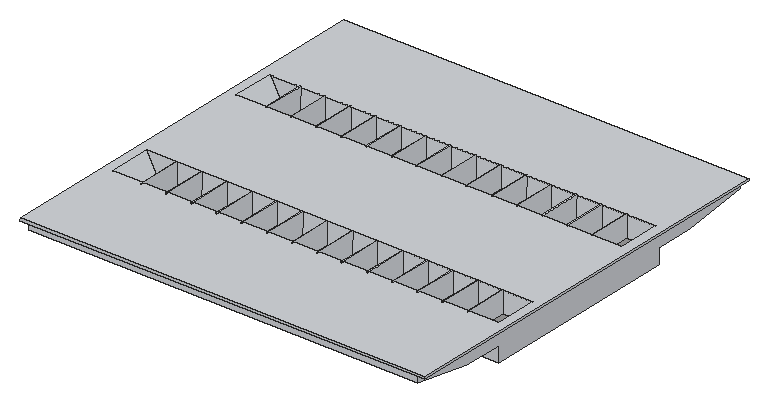
Revit family "0052585 Sylvania Lighting Fixture RANA NEO 3500LM REC 600x600 840 DALI EM 2L WHITE", category Lighting Fixtures, host Face, Revit 2016
Family settings
  Host = Face
  Part Type = Normal
  Round Connector Dimension = Use Diameter
  OmniClass Number = 23.80.70.00
  OmniClass Title = Lighting
  Cut with Voids When Loaded = No
  Light Source = Yes
  Shared = No
  Room Calculation Point = No
Parameters (values of type "0052585 RANA NEO 3500LM R 600 840 DALI EM 2L WHT")
  fin7 = 37 mm
  fin3 = 332 mm
  fin2 [instance] = 368 mm
  fin 6 = 110 mm
  fin 5 = 185 mm
  fin 4 = 258 mm
  fin 3 [instance] = 318 mm
  fin 2 = 407 mm
  fin 1 = 480 mm
  Width_SYL = if([600x600_SYL], 595 mm, if([625x625_SYL], 620 mm, if([1200_SYL], 296 mm, 306 mm)))  # 595 mm
  Weight = "n/a"
  Wattage Comments = ""
  Wattage = 28 W
  WarrantyStartDate [instance] = "n/a"
  WarrantyGuarantorParts = "n/a"
  WarrantyDurationUnit = "n/a"
  WarrantyDurationParts = ""
  WarrantyDescription = "http://www.sylvania-lighting.com"
  built-in parameter 1150110 = 1 (stored number, unit not read)
  Voltage = 0 V
  URL = "0.96"
  TypeName = "RANA NEO 3500LM REC 600x600 840 DALI EM 2L WHITE"
  Type Image = <None>
  Type Comments = "n/a"
  built-in parameter 1114217 = 1 (stored number, unit not read)
  TopWidth_SYL = if([600x600_SYL], 295 mm, if([625x625_SYL], 295 mm, if([1200_SYL], 165 mm, 165 mm)))  # 295 mm
  Tilt Angle = -90.00°
  built-in parameter 1150109 = 1 (stored number, unit not read)
  built-in parameter 1150134 = (empty or 0)
  built-in parameter 1150113 = 1 (stored number, unit not read)
  SlopeTopWidth_SYL = if([600x600_SYL], 410 mm, if([625x625_SYL], 410 mm, if([1200_SYL], 168 mm, 168 mm)))  # 410 mm
  SlopeBottomWidth_SYL = if([600x600_SYL], 593 mm, if([625x625_SYL], 593 mm, if([1200_SYL], 244 mm, 244 mm)))  # 593 mm
  SlopeHeight_SYL = if([600x600_SYL], 17 mm, if([625x625_SYL], 17 mm, if([1200_SYL], 40 mm, 40 mm)))  # 17 mm
  SerialNumber [instance] = "n/a"
  ReflectorNumber_SYL = if([1Ref_SYL], 2, if([2Ref_SYL], 2, 3))  # 2
  ReflectorLength_SYL = Length_SYL - Inset_SYL * 2 - 5 mm  # 550 mm
  ReflectorInset_SYL = if([1Ref_SYL], 82.4 mm, if([2Ref_SYL], 30 mm, 30 mm))  # 30 mm
  Photometric Web File = "0052585.ies"
  Material_3_SYL = none
  PowerFactor = 0.95
  PowerConsumption = "Lighting"
  NominalLength = 595 mm
  NominalHeight = 60 mm
  NominalDepth = 595 mm
  Name = "RANA NEO 3500LM REC 600x600 840 DALI EM 2L WHITE"
  ModelReference = Name  # "RANA NEO 3500LM REC 600x600 840 DALI EM 2L WHITE"
  ModelNumber = "0052585"
  Model = Name  # "RANA NEO 3500LM REC 600x600 840 DALI EM 2L WHITE"
  Material = "Feilo Sylvania"
  ManufacturerName = "106 lm/W"
  Manufacturer = ""
  LuminousEfficacy = ""
  built-in parameter 1150105 = 222.82 (stored number, unit not read)
  Lumens = 2800 lm
  LuminaireType = "0"
  built-in parameter 1150115 = 1 (stored number, unit not read)
  LouverNumber_SYL = if([600x600_SYL], 14, if([625x625_SYL], 14, if([1200_SYL], 28, 28)))  # 14
  LightOutputRatio = "LED"
  built-in parameter 1150137 = (empty or 0)
  built-in parameter 1150139 = (empty or 0)
  Length_SYL = if([600x600_SYL], 595 mm, if([625x625_SYL], 620 mm, if([1200_SYL], 1196 mm, 1246 mm)))  # 595 mm
  LampsType = Lamp  # "n/a"
  LampNominalLuminous = "4000 K"
  LampMacAdamStep = "80"
  LampColourTemperature = "LED"
  LampColourRenderingIndex = "16500"
  built-in parameter 1150112 = 1 (stored number, unit not read)
  built-in parameter 1150114 = 1 (stored number, unit not read)
  Lamp = "n/a"
  LED position [instance] = 410 mm
  LED inside width = 165 mm
  LED inner void = 521.5 mm
  LED Width = 290 mm
  LED Length = 568 mm
  Keynote = "n/a"
  InstallationDate [instance] = "n/a"
  Inset_SYL = 20 mm  # constant formula
  InputVoltage = "0"
  InputNominalFrequency = "4000"
  built-in parameter 1150132 = (empty or 0)
  built-in parameter 1150102 = (empty or 0)
  built-in parameter 1150107 = 3000 (stored number, unit not read)
  built-in parameter 1150138 = (empty or 0)
  IngressProtection = "IfcLightFixtureType"
  ImpactProtectionIndex = "IfcLightFixtureType"
  built-in parameter 1150106 = 2.2282 (stored number, unit not read)
  IfcExportType = "IfcLightFixtureType"
  IfcExportAs = "Class I"
  Height = 52 mm
  Emit from Rectangle Width = if([1Ref_SYL], 48 mm, TopWidth_SYL - 13 mm)  # 282 mm
  Emit from Rectangle Length = ReflectorLength_SYL - 8 mm  # 542 mm
  Emit Shape Visible in Rendering = no
  ElectricShockClassification = "106"
  built-in parameter 1150104 = 9.2903 (stored number, unit not read)
  DocumentationLiterature = "http://www.sylvania-lighting.com/product/en-int/products/0052585"
  DimmingControlOptions = "n/a"
  Material_2_SYL = none
  Dimming Lamp Color Temperature Shift = <None>
  Description = "-"
  Default Elevation = 1219.2 mm
  CreatedOn = "25/11/2019"
  CreatedBy = "@sylvania-lighting.com"
  Cost = 0
  Color Filter = 16777215
  built-in parameter 1114216 [instance] = (empty or 0)
  ClassificationValue = "EF_70_80"
  ClassificationName = "Uniclass2015"
  Material_1_SYL = none
  BarCode [instance] = "n/a"
  built-in parameter 1114218 = 1 (stored number, unit not read)
  built-in parameter 1150133 = 10 (stored number, unit not read)
  AssetType = "Fixed"
  AssetIdentifier [instance] = "n/a"
  Assembly Code = "D5020200"
  Apparent Load = 33 VA
  Material_4_SYL = none
  625x625_SYL = no
  600x600_SYL = yes
  2Ref_SYL = yes
  1Ref_SYL = no
  1200_SYL = no
Reference planes
  plane 1 "Center (Front/Back)": y = 0
  plane 2: z = 0
  plane 3 "Center (Left/Right)": x = 0
  plane 4: x = 297.5
  plane 5: x = -297.5
  plane 6: y = 297.5
  plane 7: y = -297.5
  plane 8: z = -120
  plane 9: z = -3
  plane 10: z = -12
  plane 11: z = -29
  plane 12: z = -52
  plane 13: y = -296.5
  plane 14: y = 296.5
  plane 15: y = 145
  plane 16: y = -145
  plane 17: y = 82.5
  plane 18: y = -82.5
  plane 19: x = -284
  plane 20: x = 284
  plane 21: y = 141
  plane 22: y = 86.5
  plane 23: x = -264
  plane 24: x = 257.5
  plane 25: x = -286
  plane 26: x = 286
  plane 27: y = -86.5
  plane 28: y = -141
  plane 29: x = 18.5
  plane 30: x = -18.5
  plane 31: x = 55
  plane 32: x = -55
  plane 33: x = 92.5
  plane 34: x = -92.5
  plane 35: x = 129
  plane 36: x = -129
  plane 37: x = 166
  plane 38: x = -166
  plane 39: x = -203.5
  plane 40: x = 203.5
  plane 41: x = -240
  plane 42: x = 240
  plane 43: x = 169.5
  plane 44: x = 162.5
  plane 45: x = 166.5
  plane 46: x = 165.5
Forms (mm)
  Extrusion 1, void
    sketch origin (0, 0, 0) x (1, 0, 0) y (0, 1, 0)
      loop
        line (-297.5, 297.5) -> (-297.5, -297.5) -> (297.5, -297.5) -> (297.5, 297.5) -> (-297.5, 297.5)
    from -120 to 0
  Extrusion 2, solid, detail levels medium+fine
    sketch origin (0, 0, 0) x (0, 1, 0) y (0, 0, 1)
      loop
        line (-296.5, 0) -> (-296.5, -12) -> (-205, -29) -> (-147.5, -29) -> (-147.5, -52) -> (147.5, -52) -> (147.5, -29) -> (205, -29) -> (296.5, -17.514) -> (296.5, 0) -> (-296.5, 0)
    from -286 to 286
  Extrusion 3, solid, detail levels medium+fine
    sketch origin (275, 1524, 1219.2) x (0, 1, 0) y (0, 0, 1)
      loop
        line (-1226.5, -1222.2) -> (-1226.5, -1219.2) -> (-1820.5, -1219.2) -> (-1820.5, -1222.2) -> (-1226.5, -1222.2)
    from 11 to 22.5
  Extrusion 4, solid, detail levels medium+fine
    sketch origin (-275, 1524, 1219.2) x (0, 1, 0) y (0, 0, 1)
      loop
        line (-1820.5, -1222.2) -> (-1227.5, -1222.2) -> (-1227.5, -1219.2) -> (-1820.5, -1219.2) -> (-1820.5, -1222.2)
    from -11 to -22.5
  Extrusion 5, solid, detail levels medium+fine
    sketch origin (0, 0, 0) x (0, 1, 0) y (0, 0, 1)
      loop
        line (-297.5, 0) -> (-297.5, -3) -> (-296.5, -3) -> (-296.5, 0) -> (-297.5, 0)
      loop
        line (297.5, -3) -> (297.5, 0) -> (296.5, 0) -> (296.5, -3) -> (297.5, -3)
    from -297.5 to 297.5
  Blend 6, void
    base sketch origin (0, 0, 0) x (1, 0, 0) y (0, 1, 0)
      loop
        line (-284, 145) -> (-284, 82.5) -> (284, 82.5) -> (284, 145) -> (-284, 145)
    top sketch origin (0, 0, 0) x (1, 0, 0) y (0, 1, 0)
      loop
        line (-264, 141) -> (-264, 86.5) -> (257.5, 86.5) -> (257.5, 141) -> (-264, 141)
    from 0 to -29
  Blend 7, void
    base sketch origin (0, 0, 0) x (1, 0, 0) y (0, 1, 0)
      loop
        line (-284, -82.5) -> (-284, -145) -> (284, -145) -> (284, -82.5) -> (-284, -82.5)
    top sketch origin (0, 0, 0) x (1, 0, 0) y (0, 1, 0)
      loop
        line (257.5, -86.5) -> (-264, -86.5) -> (-264, -141) -> (257.5, -141) -> (257.5, -86.5)
    from 0 to -29
  Extrusion 8, solid, detail levels fine
    sketch origin (0, 0, 0) x (1, 0, 0) y (0, 0, 1)
      loop
        line (162.5, -29) -> (169.5, -29) -> (166.5, 0) -> (165.5, 0) -> (162.5, -29)
    from -145 to -82.5
  Extrusion 9, solid, detail levels fine
    sketch origin (37.5, 0, 0) x (1, 0, 0) y (0, 0, 1)
      loop
        line (162.5, -29) -> (169.5, -29) -> (166.5, 0) -> (165.5, 0) -> (162.5, -29)
    from -145 to -82.5
  Extrusion 10, solid, detail levels fine
    sketch origin (74, 0, 0) x (1, 0, 0) y (0, 0, 1)
      loop
        line (162.5, -29) -> (169.5, -29) -> (166.5, 0) -> (165.5, 0) -> (162.5, -29)
    from -145 to -82.5
  Extrusion 11, solid, detail levels fine
    sketch origin (-37, 0, 0) x (1, 0, 0) y (0, 0, 1)
      loop
        line (162.5, -29) -> (169.5, -29) -> (166.5, 0) -> (165.5, 0) -> (162.5, -29)
    from -145 to -82.5
  Extrusion 12, solid, detail levels fine
    sketch origin (-73.5, 0, 0) x (1, 0, 0) y (0, 0, 1)
      loop
        line (162.5, -29) -> (169.5, -29) -> (166.5, 0) -> (165.5, 0) -> (162.5, -29)
    from -145 to -82.5
  Extrusion 13, solid, detail levels fine
    sketch origin (-111, 0, 0) x (1, 0, 0) y (0, 0, 1)
      loop
        line (162.5, -29) -> (169.5, -29) -> (166.5, 0) -> (165.5, 0) -> (162.5, -29)
    from -145 to -82.5
  Extrusion 14, solid, detail levels fine
    sketch origin (-147.5, 0, 0) x (1, 0, 0) y (0, 0, 1)
      loop
        line (162.5, -29) -> (169.5, -29) -> (166.5, 0) -> (165.5, 0) -> (162.5, -29)
    from -145 to -82.5
  Extrusion 15, solid, detail levels fine
    sketch origin (-184.5, 0, 0) x (1, 0, 0) y (0, 0, 1)
      loop
        line (162.5, -29) -> (169.5, -29) -> (166.5, 0) -> (165.5, 0) -> (162.5, -29)
    from -145 to -82.5
  Extrusion 16, solid, detail levels fine
    sketch origin (-221, 0, 0) x (1, 0, 0) y (0, 0, 1)
      loop
        line (162.5, -29) -> (169.5, -29) -> (166.5, 0) -> (165.5, 0) -> (162.5, -29)
    from -145 to -82.5
  Extrusion 17, solid, detail levels fine
    sketch origin (-258.5, 0, 0) x (1, 0, 0) y (0, 0, 1)
      loop
        line (162.5, -29) -> (169.5, -29) -> (166.5, 0) -> (165.5, 0) -> (162.5, -29)
    from -145 to -82.5
  Extrusion 18, solid, detail levels fine
    sketch origin (-295, 0, 0) x (1, 0, 0) y (0, 0, 1)
      loop
        line (162.5, -29) -> (169.5, -29) -> (166.5, 0) -> (165.5, 0) -> (162.5, -29)
    from -145 to -82.5
  Extrusion 19, solid, detail levels fine
    sketch origin (-332, 0, 0) x (1, 0, 0) y (0, 0, 1)
      loop
        line (162.5, -29) -> (169.5, -29) -> (166.5, 0) -> (165.5, 0) -> (162.5, -29)
    from -145 to -82.5
  Extrusion 20, solid, detail levels fine
    sketch origin (-369.5, 0, 0) x (1, 0, 0) y (0, 0, 1)
      loop
        line (162.5, -29) -> (169.5, -29) -> (166.5, 0) -> (165.5, 0) -> (162.5, -29)
    from -145 to -82.5
  Extrusion 21, solid, detail levels fine
    sketch origin (-406, 0, 0) x (1, 0, 0) y (0, 0, 1)
      loop
        line (162.5, -29) -> (169.5, -29) -> (166.5, 0) -> (165.5, 0) -> (162.5, -29)
    from -145 to -82.5
  Extrusion 22, solid, detail levels fine
    sketch origin (-406.072, 0, -0.017) x (1, 0, 0) y (0, 0, 1)
      loop
        line (162.5, -29) -> (169.5, -29) -> (166.5, 0) -> (165.5, 0) -> (162.5, -29)
    from 82.5 to 147.5
  Extrusion 23, solid, detail levels fine
    sketch origin (-369.572, 0, -0.017) x (1, 0, 0) y (0, 0, 1)
      loop
        line (162.5, -29) -> (169.5, -29) -> (166.5, 0) -> (165.5, 0) -> (162.5, -29)
    from 82.5 to 147.5
  Extrusion 24, solid, detail levels fine
    sketch origin (-331.998, 0, -0.017) x (1, 0, 0) y (0, 0, 1)
      loop
        line (162.5, -29) -> (169.5, -29) -> (166.5, 0) -> (165.5, 0) -> (162.5, -29)
    from 82.5 to 147.5
  Extrusion 25, solid, detail levels fine
    sketch origin (-294.998, 0, -0.017) x (1, 0, 0) y (0, 0, 1)
      loop
        line (162.5, -29) -> (169.5, -29) -> (166.5, 0) -> (165.5, 0) -> (162.5, -29)
    from 82.5 to 147.5
  Extrusion 26, solid, detail levels fine
    sketch origin (-258.498, 0, -0.017) x (1, 0, 0) y (0, 0, 1)
      loop
        line (162.5, -29) -> (169.5, -29) -> (166.5, 0) -> (165.5, 0) -> (162.5, -29)
    from 82.5 to 147.5
  Extrusion 27, solid, detail levels fine
    sketch origin (-221, 0, -0.017) x (1, 0, 0) y (0, 0, 1)
      loop
        line (162.5, -29) -> (169.5, -29) -> (166.5, 0) -> (165.5, 0) -> (162.5, -29)
    from 82.5 to 147.5
  Extrusion 28, solid, detail levels fine
    sketch origin (-184.5, 0, -0.017) x (1, 0, 0) y (0, 0, 1)
      loop
        line (162.5, -29) -> (169.5, -29) -> (166.5, 0) -> (165.5, 0) -> (162.5, -29)
    from 82.5 to 147.5
  Extrusion 29, solid, detail levels fine
    sketch origin (-147.5, 0, -0.017) x (1, 0, 0) y (0, 0, 1)
      loop
        line (162.5, -29) -> (169.5, -29) -> (166.5, 0) -> (165.5, 0) -> (162.5, -29)
    from 82.5 to 147.5
  Extrusion 30, solid, detail levels fine
    sketch origin (-111, 0, -0.017) x (1, 0, 0) y (0, 0, 1)
      loop
        line (162.5, -29) -> (169.5, -29) -> (166.5, 0) -> (165.5, 0) -> (162.5, -29)
    from 82.5 to 147.5
  Extrusion 31, solid, detail levels fine
    sketch origin (-73.5, 0, -0.017) x (1, 0, 0) y (0, 0, 1)
      loop
        line (162.5, -29) -> (169.5, -29) -> (166.5, 0) -> (165.5, 0) -> (162.5, -29)
    from 82.5 to 147.5
  Extrusion 32, solid, detail levels fine
    sketch origin (-37, 0, -0.017) x (1, 0, 0) y (0, 0, 1)
      loop
        line (162.5, -29) -> (169.5, -29) -> (166.5, 0) -> (165.5, 0) -> (162.5, -29)
    from 82.5 to 147.5
  Extrusion 33, solid, detail levels fine
    sketch origin (0, 0, -0.017) x (1, 0, 0) y (0, 0, 1)
      loop
        line (162.5, -29) -> (169.5, -29) -> (166.5, 0) -> (165.5, 0) -> (162.5, -29)
    from 82.5 to 147.5
  Extrusion 34, solid, detail levels fine
    sketch origin (37.5, 0, -0.017) x (1, 0, 0) y (0, 0, 1)
      loop
        line (162.5, -29) -> (169.5, -29) -> (166.5, 0) -> (165.5, 0) -> (162.5, -29)
    from 82.5 to 147.5
  Extrusion 35, solid, detail levels fine
    sketch origin (74, 0, -0.017) x (1, 0, 0) y (0, 0, 1)
      loop
        line (162.5, -29) -> (169.5, -29) -> (166.5, 0) -> (165.5, 0) -> (162.5, -29)
    from 82.5 to 147.5
  Extrusion 36, solid, material "Glass, White, High Luminance", detail levels fine
    sketch origin (0, 0, 0) x (1, 0, 0) y (0, 1, 0)
      loop
        line (-264, 141) -> (-264, 86.5) -> (257.5, 86.5) -> (257.5, 141) -> (-264, 141)
    from -29 to -28
  Extrusion 37, solid, material "Glass, White, High Luminance", detail levels fine
    sketch origin (0, 0, 0) x (1, 0, 0) y (0, 1, 0)
      loop
        line (-264, -86.5) -> (-264, -141) -> (257.5, -141) -> (257.5, -86.5) -> (-264, -86.5)
    from -29 to -28
  Extrusion 38, solid, detail levels coarse
    sketch origin (0, 0, 0) x (1, 0, 0) y (0, 1, 0)
      loop
        line (-297.5, 297.5) -> (-297.5, -297.5) -> (297.5, -297.5) -> (297.5, 297.5) -> (-297.5, 297.5)
    from -52 to 0
Cuts and joins
  Blend 6, Blend 7 cuts Extrusion 2
  Blend 6, Blend 7 cuts Extrusion 3
  Blend 6, Blend 7 cuts Extrusion 4
  Blend 6, Blend 7 cuts Extrusion 5
  joined: Extrusion 2, Extrusion 3, Extrusion 4, Extrusion 5
Dimensions and locks
  "Length_SYL": plane 5 to plane 4
  locked: plane 2 to plane 8 at 120
  locked: plane 2 to plane 9 at 3
  locked: plane 2 to plane 10 at 12
  "SlopeHeight_SYL": plane 11 to plane 10
  "Height": plane 2 to plane 12
  equal spacing: plane 13, plane 1 "Center (Front/Back)", plane 14
  "SlopeBottomWidth_SYL": plane 13 to plane 14
  "LED Width": plane 15 to plane 16
  equal spacing: plane 15, plane 1 "Center (Front/Back)", plane 16
  "LED inside width": plane 17 to plane 18
  equal spacing: plane 17, plane 1 "Center (Front/Back)", plane 18
  "LED Length": plane 19 to plane 20
  equal spacing: plane 19, plane 3 "Center (Left/Right)", plane 20
  "LED inner void": plane 23 to plane 24
  "fin7": plane 29 to plane 30
  equal spacing: plane 29, plane 3 "Center (Left/Right)", plane 30
  "fin 6": plane 31 to plane 32
  equal spacing: plane 31, plane 3 "Center (Left/Right)", plane 32
  "fin 5": plane 33 to plane 34
  equal spacing: plane 33, plane 3 "Center (Left/Right)", plane 34
  "fin 4": plane 35 to plane 36
  equal spacing: plane 35, plane 3 "Center (Left/Right)", plane 36
  "fin 2": plane 40 to plane 39
  equal spacing: plane 40, plane 3 "Center (Left/Right)", plane 39
  "fin3": plane 37 to plane 38
  equal spacing: plane 37, plane 3 "Center (Left/Right)", plane 38
  "fin 1": plane 42 to plane 41
  equal spacing: plane 42, plane 3 "Center (Left/Right)", plane 41
  aligned and locked: plane 2 to host face
  aligned and locked: level to host face
  aligned and locked: plane 6 to Extrusion 1 sketch curve
  aligned and locked: plane 5 to Extrusion 1 sketch curve
  aligned and locked: Extrusion 1 sketch curve to plane 7
  aligned and locked: Extrusion 1 sketch curve to plane 4
  aligned and locked: level to Extrusion 1
  aligned and locked: plane 8 to Extrusion 1
  aligned and locked: plane 2 to Extrusion 1
  aligned and locked: plane 10 to Extrusion 2 sketch curve
  aligned and locked: plane 12 to Extrusion 2 sketch curve
  aligned and locked: plane 11 to Extrusion 2 sketch curve  (x2)
  aligned and locked: Extrusion 2 sketch curve to level
  aligned and locked: Extrusion 3 sketch curve to Extrusion 2
  aligned and locked: plane 6 to Extrusion 3 sketch curve
  aligned and locked: plane 4 to Extrusion 3
  aligned and locked: cut or joined group of Extrusion 2, Extrusion 3, Extrusion 4, Extrusion 5, Blend 6, Blend 7 to Extrusion 4 sketch curve  (x3)
  aligned and locked: Extrusion 4 sketch curve to cut or joined group of Extrusion 2, Extrusion 3, Extrusion 4, Extrusion 5, Blend 6, Blend 7
  aligned and locked: Extrusion 4 to plane 5
  aligned and locked: Extrusion 3 to Extrusion 2
  aligned and locked: Extrusion 4 to Extrusion 2
  aligned and locked: plane 14 to Extrusion 2 sketch curve
  aligned and locked: plane 13 to Extrusion 2 sketch curve
  aligned and locked: Extrusion 5 sketch curve to level  (x2)
  aligned and locked: Extrusion 5 sketch curve to plane 7
  aligned and locked: Extrusion 5 sketch curve to cut or joined group of Extrusion 2, Extrusion 3, Extrusion 4, Extrusion 5, Blend 6, Blend 7  (x4)
  aligned and locked: cut or joined group of Extrusion 2, Extrusion 3, Extrusion 4, Extrusion 5, Blend 6, Blend 7 to Extrusion 5 sketch curve
  aligned and locked: Extrusion 5 to plane 5
  aligned and locked: plane 4 to Extrusion 5
Automatic sketch dimensions
  host sketch curve to host sketch curve = 1219.2 mm
  host sketch curve to host sketch curve = 1211.616 mm
  Extrusion 2 sketch curve to plane 16 = 60 mm
  Extrusion 2 sketch curve to plane 16 = 2.5 mm
  plane 15 to Extrusion 2 sketch curve = 2.5 mm
  Extrusion 2 sketch curve to Extrusion 2 sketch curve = 57.5 mm
  plane 10 to Extrusion 2 sketch curve = 5.514 mm
  plane 9 to Extrusion 3 sketch curve = 0 mm
  Extrusion 3 sketch curve to plane 13 = 0 mm
  Blend 6 sketch curve to plane 17 = 0 mm
  Blend 6 sketch curve to plane 19 = 0 mm
  Blend 6 sketch curve to plane 20 = 0 mm
  Blend 6 sketch curve to plane 15 = 0 mm
  Blend 6 sketch curve to plane 22 = 0 mm
  Blend 6 sketch curve to plane 23 = 0 mm
  Blend 6 sketch curve to plane 24 = 0 mm
  Blend 6 sketch curve to plane 21 = 0 mm
  Blend 7 sketch curve to plane 16 = 0 mm
  Blend 7 sketch curve to plane 19 = 0 mm
  Blend 7 sketch curve to plane 20 = 0 mm
  Blend 7 sketch curve to plane 18 = 0 mm
  Blend 7 sketch curve to plane 23 = 0 mm
  Blend 7 sketch curve to plane 24 = 0 mm
  Blend 7 sketch curve to plane 28 = 0 mm
  Blend 7 sketch curve to plane 27 = 0 mm
  Extrusion 8 sketch curve to plane 11 = 0 mm
  Extrusion 8 sketch curve to plane 44 = 0 mm
  Extrusion 8 sketch curve to level = 0 mm
  Extrusion 8 sketch curve to plane 46 = 0 mm
  Extrusion 8 sketch curve to plane 45 = 0 mm
  Extrusion 8 sketch curve to plane 43 = 0 mm
  Extrusion 9 sketch curve to plane 11 = 0 mm
  Extrusion 9 sketch curve to level = 0 mm
  Extrusion 9 sketch curve to plane 40 = 3.5 mm
  Extrusion 9 sketch curve to plane 40 = 0.5 mm
  plane 40 to Extrusion 9 sketch curve = 0.5 mm
  plane 40 to Extrusion 9 sketch curve = 3.5 mm
  Extrusion 10 sketch curve to plane 11 = 0 mm
  Extrusion 10 sketch curve to level = 0 mm
  Extrusion 10 sketch curve to plane 42 = 3.5 mm
  Extrusion 10 sketch curve to plane 42 = 0.5 mm
  plane 42 to Extrusion 10 sketch curve = 0.5 mm
  plane 42 to Extrusion 10 sketch curve = 3.5 mm
  Extrusion 11 sketch curve to plane 11 = 0 mm
  Extrusion 11 sketch curve to level = 0 mm
  Extrusion 11 sketch curve to plane 35 = 3.5 mm
  Extrusion 11 sketch curve to plane 35 = 0.5 mm
  plane 35 to Extrusion 11 sketch curve = 0.5 mm
  plane 35 to Extrusion 11 sketch curve = 3.5 mm
  Extrusion 12 sketch curve to plane 11 = 0 mm
  Extrusion 12 sketch curve to level = 0 mm
  Extrusion 12 sketch curve to plane 33 = 3.5 mm
  Extrusion 12 sketch curve to plane 33 = 0.5 mm
  plane 33 to Extrusion 12 sketch curve = 0.5 mm
  plane 33 to Extrusion 12 sketch curve = 3.5 mm
  Extrusion 13 sketch curve to plane 11 = 0 mm
  Extrusion 13 sketch curve to level = 0 mm
  Extrusion 13 sketch curve to plane 31 = 3.5 mm
  Extrusion 13 sketch curve to plane 31 = 0.5 mm
  plane 31 to Extrusion 13 sketch curve = 0.5 mm
  plane 31 to Extrusion 13 sketch curve = 3.5 mm
  Extrusion 14 sketch curve to plane 11 = 0 mm
  Extrusion 14 sketch curve to level = 0 mm
  Extrusion 14 sketch curve to plane 29 = 3.5 mm
  Extrusion 14 sketch curve to plane 29 = 0.5 mm
  plane 29 to Extrusion 14 sketch curve = 0.5 mm
  plane 29 to Extrusion 14 sketch curve = 3.5 mm
  Extrusion 15 sketch curve to plane 11 = 0 mm
  Extrusion 15 sketch curve to level = 0 mm
  Extrusion 15 sketch curve to plane 30 = 3.5 mm
  Extrusion 15 sketch curve to plane 30 = 0.5 mm
  plane 30 to Extrusion 15 sketch curve = 0.5 mm
  plane 30 to Extrusion 15 sketch curve = 3.5 mm
  Extrusion 16 sketch curve to plane 11 = 0 mm
  Extrusion 16 sketch curve to level = 0 mm
  Extrusion 16 sketch curve to plane 32 = 3.5 mm
  Extrusion 16 sketch curve to plane 32 = 0.5 mm
  plane 32 to Extrusion 16 sketch curve = 0.5 mm
  plane 32 to Extrusion 16 sketch curve = 3.5 mm
  Extrusion 17 sketch curve to plane 11 = 0 mm
  Extrusion 17 sketch curve to level = 0 mm
  Extrusion 17 sketch curve to plane 34 = 3.5 mm
  Extrusion 17 sketch curve to plane 34 = 0.5 mm
  plane 34 to Extrusion 17 sketch curve = 0.5 mm
  plane 34 to Extrusion 17 sketch curve = 3.5 mm
  Extrusion 18 sketch curve to plane 11 = 0 mm
  Extrusion 18 sketch curve to level = 0 mm
  Extrusion 18 sketch curve to plane 36 = 3.5 mm
  Extrusion 18 sketch curve to plane 36 = 0.5 mm
  plane 36 to Extrusion 18 sketch curve = 0.5 mm
  plane 36 to Extrusion 18 sketch curve = 3.5 mm
  Extrusion 19 sketch curve to plane 11 = 0 mm
  Extrusion 19 sketch curve to level = 0 mm
  Extrusion 19 sketch curve to plane 38 = 3.5 mm
  Extrusion 19 sketch curve to plane 38 = 0.5 mm
  plane 38 to Extrusion 19 sketch curve = 0.5 mm
  plane 38 to Extrusion 19 sketch curve = 3.5 mm
  Extrusion 20 sketch curve to plane 11 = 0 mm
  Extrusion 20 sketch curve to level = 0 mm
  Extrusion 20 sketch curve to plane 39 = 3.5 mm
  Extrusion 20 sketch curve to plane 39 = 0.5 mm
  plane 39 to Extrusion 20 sketch curve = 0.5 mm
  plane 39 to Extrusion 20 sketch curve = 3.5 mm
  Extrusion 21 sketch curve to plane 11 = 0 mm
  Extrusion 21 sketch curve to level = 0 mm
  Extrusion 21 sketch curve to plane 41 = 3.5 mm
  Extrusion 21 sketch curve to plane 41 = 0.5 mm
  plane 41 to Extrusion 21 sketch curve = 0.5 mm
  plane 41 to Extrusion 21 sketch curve = 3.5 mm
  plane 11 to Extrusion 22 sketch curve = 0.017 mm
  Extrusion 22 sketch curve to plane 41 = 3.572 mm
  Extrusion 22 sketch curve to level = 0.017 mm
  Extrusion 22 sketch curve to plane 41 = 0.572 mm
  plane 41 to Extrusion 22 sketch curve = 0.428 mm
  plane 41 to Extrusion 22 sketch curve = 3.428 mm
  plane 11 to Extrusion 23 sketch curve = 0.017 mm
  Extrusion 23 sketch curve to plane 39 = 3.572 mm
  Extrusion 23 sketch curve to level = 0.017 mm
  Extrusion 23 sketch curve to plane 39 = 0.572 mm
  plane 39 to Extrusion 23 sketch curve = 0.428 mm
  plane 39 to Extrusion 23 sketch curve = 3.428 mm
  plane 11 to Extrusion 24 sketch curve = 0.017 mm
  Extrusion 24 sketch curve to plane 38 = 3.498 mm
  Extrusion 24 sketch curve to level = 0.017 mm
  Extrusion 24 sketch curve to plane 38 = 0.498 mm
  plane 38 to Extrusion 24 sketch curve = 0.502 mm
  plane 38 to Extrusion 24 sketch curve = 3.502 mm
  plane 11 to Extrusion 25 sketch curve = 0.017 mm
  Extrusion 25 sketch curve to plane 36 = 3.498 mm
  Extrusion 25 sketch curve to level = 0.017 mm
  Extrusion 25 sketch curve to plane 36 = 0.498 mm
  plane 36 to Extrusion 25 sketch curve = 0.502 mm
  plane 36 to Extrusion 25 sketch curve = 3.502 mm
  plane 11 to Extrusion 26 sketch curve = 0.017 mm
  Extrusion 26 sketch curve to plane 34 = 3.498 mm
  Extrusion 26 sketch curve to level = 0.017 mm
  Extrusion 26 sketch curve to plane 34 = 0.498 mm
  plane 34 to Extrusion 26 sketch curve = 0.502 mm
  plane 34 to Extrusion 26 sketch curve = 3.502 mm
  plane 11 to Extrusion 27 sketch curve = 0.017 mm
  Extrusion 27 sketch curve to plane 32 = 3.5 mm
  Extrusion 27 sketch curve to level = 0.017 mm
  Extrusion 27 sketch curve to plane 32 = 0.5 mm
  plane 32 to Extrusion 27 sketch curve = 0.5 mm
  plane 32 to Extrusion 27 sketch curve = 3.5 mm
  plane 11 to Extrusion 28 sketch curve = 0.017 mm
  Extrusion 28 sketch curve to plane 30 = 3.5 mm
  Extrusion 28 sketch curve to level = 0.017 mm
  Extrusion 28 sketch curve to plane 30 = 0.5 mm
  plane 30 to Extrusion 28 sketch curve = 0.5 mm
  plane 30 to Extrusion 28 sketch curve = 3.5 mm
  plane 11 to Extrusion 29 sketch curve = 0.017 mm
  Extrusion 29 sketch curve to plane 29 = 3.5 mm
  Extrusion 29 sketch curve to level = 0.017 mm
  Extrusion 29 sketch curve to plane 29 = 0.5 mm
  plane 29 to Extrusion 29 sketch curve = 0.5 mm
  plane 29 to Extrusion 29 sketch curve = 3.5 mm
  plane 11 to Extrusion 30 sketch curve = 0.017 mm
  Extrusion 30 sketch curve to plane 31 = 3.5 mm
  Extrusion 30 sketch curve to level = 0.017 mm
  Extrusion 30 sketch curve to plane 31 = 0.5 mm
  plane 31 to Extrusion 30 sketch curve = 0.5 mm
  plane 31 to Extrusion 30 sketch curve = 3.5 mm
  plane 11 to Extrusion 31 sketch curve = 0.017 mm
  Extrusion 31 sketch curve to plane 33 = 3.5 mm
  Extrusion 31 sketch curve to level = 0.017 mm
  Extrusion 31 sketch curve to plane 33 = 0.5 mm
  plane 33 to Extrusion 31 sketch curve = 0.5 mm
  plane 33 to Extrusion 31 sketch curve = 3.5 mm
  plane 11 to Extrusion 32 sketch curve = 0.017 mm
  Extrusion 32 sketch curve to plane 35 = 3.5 mm
  Extrusion 32 sketch curve to level = 0.017 mm
  Extrusion 32 sketch curve to plane 35 = 0.5 mm
  plane 35 to Extrusion 32 sketch curve = 0.5 mm
  plane 35 to Extrusion 32 sketch curve = 3.5 mm
  Extrusion 33 sketch curve to plane 44 = 0 mm
  Extrusion 33 sketch curve to plane 46 = 0 mm
  Extrusion 33 sketch curve to plane 45 = 0 mm
  Extrusion 33 sketch curve to plane 43 = 0 mm
  plane 11 to Extrusion 33 sketch curve = 0.017 mm
  Extrusion 33 sketch curve to level = 0.017 mm
  plane 11 to Extrusion 34 sketch curve = 0.017 mm
  Extrusion 34 sketch curve to plane 40 = 3.5 mm
  Extrusion 34 sketch curve to level = 0.017 mm
  Extrusion 34 sketch curve to plane 40 = 0.5 mm
  plane 40 to Extrusion 34 sketch curve = 0.5 mm
  plane 40 to Extrusion 34 sketch curve = 3.5 mm
  plane 11 to Extrusion 35 sketch curve = 0.017 mm
  Extrusion 35 sketch curve to plane 42 = 3.5 mm
  Extrusion 35 sketch curve to level = 0.017 mm
  Extrusion 35 sketch curve to plane 42 = 0.5 mm
  plane 42 to Extrusion 35 sketch curve = 0.5 mm
  plane 42 to Extrusion 35 sketch curve = 3.5 mm
  Extrusion 36 sketch curve to plane 22 = 0 mm
  Extrusion 36 sketch curve to plane 23 = 0 mm
  Extrusion 36 sketch curve to plane 24 = 0 mm
  Extrusion 36 sketch curve to plane 21 = 0 mm
  Extrusion 37 sketch curve to plane 23 = 0 mm
  Extrusion 37 sketch curve to plane 24 = 0 mm
  Extrusion 37 sketch curve to plane 28 = 0 mm
  Extrusion 37 sketch curve to plane 27 = 0 mm
  Extrusion 38 sketch curve to plane 5 = 0 mm
  Extrusion 38 sketch curve to plane 4 = 0 mm
  plane 7 to Extrusion 38 sketch curve = 0 mm
  plane 6 to Extrusion 38 sketch curve = 0 mm
Connectors
  electrical at (0, 0, -52), driven by "Voltage", driven by "Apparent Load", driven by "PowerFactor"
    settings: on cut or joined group of Extrusion 2, Extrusion 3, Extrusion 4, Extrusion 5, Blend 6, Blend 7, index 1, voltage 0 V, apparent load 33 VA, apparent load phase1 0 VA, apparent load phase2 0 VA, apparent load phase3 0 VA, power factor 0.95, load classification "Lighting", number of poles 1, system type 30, power factor state 1, is connector primary yes, connector utility no, sub classification motor no, connector description ""
